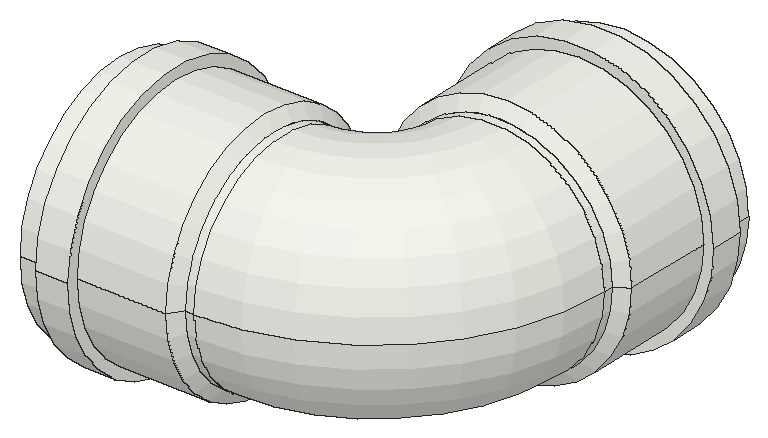
Revit family "Curva_87_Redux", category Pipe Fittings, Revit 2025
Family settings
  Round Connector Dimension = Use Radius
  Part Type = Elbow
  Work Plane-Based = No
  Always vertical = Yes
  Cut with Voids When Loaded = No
  Shared = No
Parameters (values of type "Standard")
  Ângulo [instance] = 90.00°
  built-in parameter 1114242 [instance] = (empty or 0)
  URL = "http://www.tigre.com.br"
  Type Comments = ""
  Tigre: Sistema = "Esgoto"  # constant formula
  Tigre: Norma = ""
  Tigre: Material = "PVC Bege Pérola"  # constant formula
  Tigre: Marcador [instance] = "00"
  Tigre: Link do Produto = "http://www.tigre.com.br/pt/produtos_unico.php?rcr_id=4&cpr_id=10&cpr_id_pai=4&lnh_id=10&prd_id=734"
  Tigre: Linha = "Redux"  # constant formula
  Tigre: Fabricante = "© Tigre S/A"  # constant formula
  Tigre: Descrição [instance] = if(and(Diâmetro Nominal = 75.00 mm, Ângulo > 80.00°, Ângulo < 95.00°), "Curva 87º 30´ 75mm, Redux - TIGRE", if(and(Diâmetro Nominal = 100.00 mm, Ângulo > 80.00°, Ângulo < 95.00°), "Curva 87º 30´ 100mm, Redux - TIGRE", if(and(Diâmetro Nominal = 150.00 mm, Ângulo > 80.00°, Ângulo < 95.00°), "Curva 87º 30´ 150mm, Redux - TIGRE", "Produto Inexistente")))  # "Produto Inexistente"
  Tigre: Código com Separador [instance] = if(and(Diâmetro Nominal = 75.00 mm, Ângulo > 80.00°, Ângulo < 95.00°), "100002819", if(and(Diâmetro Nominal = 100.00 mm, Ângulo > 80.00°, Ângulo < 95.00°), "100002820", if(and(Diâmetro Nominal = 150.00 mm, Ângulo > 80.00°, Ângulo < 95.00°), "100002793a", "Produto ou Código Inexistente")))  # "Produto ou Código Inexistente"
  Tigre: Código [instance] = if(and(Diâmetro Nominal = 75.00 mm, Ângulo > 80.00°, Ângulo < 95.00°), 100002819, if(and(Diâmetro Nominal = 100.00 mm, Ângulo > 80.00°, Ângulo < 95.00°), 100002820, if(and(Diâmetro Nominal = 150.00 mm, Ângulo > 80.00°, Ângulo < 95.00°), 100002793, 0)))  # 0
  Tigre: Comentários [instance] = ""
  Representação Unifilar [instance] = Diâmetro Nominal * 0.2  # 10 mm
  Raio da Bolsa [instance] = size_lookup(Lookup Table Name, "RaioB", 0.5515 * Diâmetro Nominal + 2.63 mm, Diâmetro Nominal)  # 30.205 mm
  Raio Nominal [instance] = 25 mm
  Raio Externo 3 [instance] = Diâmetro Externo 3 / 2  # 26.438 mm
  Raio Externo 2 [instance] = Diâmetro Externo 2 / 2  # 27.83 mm
  Raio Externo 1 [instance] = Diâmetro Externo 1 / 2  # 25 mm
  Raio Central [instance] = size_lookup(Lookup Table Name, "RCen", 0.5193 * Diâmetro Nominal + 0.10 mm, Diâmetro Nominal)  # 26.065 mm
  Model = ""
  Manufacturer = Tigre: Fabricante  # "© Tigre S/A"
  Loss Method = Not Defined
  Lookup Table Name = "Curva 87 - Serie Reforcada - Esgoto - MEP - Tigre"
  K Coefficient Table = "Regular 45, 90 and 180 Elbow"
  Description = "Curva 87º 30´, Redux - TIGRE"
  Default Elevation = 0.00 mm
  Acabamento [instance] = none
  Diâmetro Nominal [instance] = Raio Nominal * 2  # 50 mm
  Diâmetro Externo 3 [instance] = size_lookup(Lookup Table Name, "DE3", 0.9915 * Diâmetro Nominal + 3.30 mm, Diâmetro Nominal)  # 52.875 mm
  Diâmetro Externo 2 [instance] = size_lookup(Lookup Table Name, "DE2", 1.03 * Diâmetro Nominal + 4.16 mm, Diâmetro Nominal)  # 55.66 mm
  Diâmetro Externo 1 [instance] = size_lookup(Lookup Table Name, "DE1", Diâmetro Nominal, Diâmetro Nominal)  # 50 mm
  Cota C3 [instance] = size_lookup(Lookup Table Name, "CotC3", 0.0086 * Diâmetro Nominal + 0.73 mm, Diâmetro Nominal)  # 1.16 mm
  Cota C2 [instance] = size_lookup(Lookup Table Name, "CotC2", 0.0897 * Diâmetro Nominal + 2.72 mm, Diâmetro Nominal)  # 7.205 mm
  Cota C1 [instance] = size_lookup(Lookup Table Name, "CotC1", 0.119 * Diâmetro Nominal + 6.64 mm, Diâmetro Nominal)  # 12.59 mm
  Cota B3 [instance] = size_lookup(Lookup Table Name, "CotB3", 0.0183 * Diâmetro Nominal + 1.08 mm, Diâmetro Nominal)  # 1.995 mm
  Cota B2 [instance] = size_lookup(Lookup Table Name, "CotB2", 0.0361 * Diâmetro Nominal + 0.27 mm, Diâmetro Nominal)  # 2.075 mm
  Cota B1 [instance] = size_lookup(Lookup Table Name, "CotB1", 0.3051 * Diâmetro Nominal + 17.31 mm, Diâmetro Nominal)  # 32.565 mm
  Cota B [instance] = Cota B1 + Cota B2 + Cota B3  # 36.635 mm
  Centro a Face Externa [instance] = Raio Central * tan(Ângulo / 2)  # 26.065 mm
Reference planes
  plane 1 "Center (Front/Back)": y = 0
  plane 2: z = 0
  plane 3 "Center (Left/Right)": x = 0
  plane 4: y = 26.065
  plane 5: x = -26.065
Forms (mm)
  SweptBlend 1, solid, material "PVC", detail levels fine
    path in 3D
      loop
        line (-28.14, 0, 0) -> (-30.135, 0, 0)
    profile origin (-28.14, 0, 0) x (0, -1, 0) y (0, 0, 1)
      loop
        circle (0, 0) r 25
    end profile origin (-30.135, 0, 0) x (0, -1, 0) y (0, 0, 1)
      loop
        circle (0, 0) r 27.83
  Sweep 2, solid, material "PVC", detail levels fine
    path in 3D
      loop
        line (-30.135, 0, 0) -> (-62.7, 0, 0)
    profile origin (-46.417, 0, 0) x (0, -1, 0) y (0, 0, 1)
      loop
        circle (0, 0) r 25
      loop
        circle (0, 0) r 27.83
  Sweep 3, solid, material "PVC", detail levels fine
    path in 3D
      loop
        line (-50.11, 0, 0) -> (-57.315, 0, 0)
    profile origin (-53.712, 0, 0) x (0, -1, 0) y (0, 0, 1)
      loop
        circle (0, 0) r 27.83
      loop
        circle (0, 0) r 30.205
  SweptBlend 4, solid, material "PVC", detail levels fine
    path in 3D
      loop
        line (-57.315, 0, 0) -> (-58.475, 0, 0)
    profile origin (-57.315, 0, 0) x (0, -1, 0) y (0, 0, 1)
      loop
        circle (0, 0) r 30.205
    end profile origin (-58.475, 0, 0) x (0, -1, 0) y (0, 0, 1)
      loop
        circle (0, 0) r 27.83
  Sweep 5, solid, material "PVC", detail levels fine
    path in 3D
      loop
        arc (-26.065, 0, 0) -> (-7.634, 7.634, 0) -> (0, 26.065, 0) r 26.065
    profile origin (-7.634, 7.634, 0) x (-0.707107, 0.707107, 0) y (0, 0, 1)
      loop
        circle (0, 0) r 25
  Sweep 6, solid, material "PVC", detail levels fine
    path in 3D
      loop
        line (0, 26.065, 0) -> (0, 28.14, 0)
    profile origin (0, 27.103, 0) x (-1, 0, 0) y (0, 0, 1)
      loop
        circle (0, 0) r 25
  SweptBlend 7, solid, material "PVC", detail levels fine
    path in 3D
      loop
        line (0, 28.14, 0) -> (0, 30.135, 0)
    profile origin (0, 28.14, 0) x (-1, 0, 0) y (0, 0, 1)
      loop
        circle (0, 0) r 25
    end profile origin (0, 30.135, 0) x (-1, 0, 0) y (0, 0, 1)
      loop
        circle (0, 0) r 27.83
  Sweep 8, solid, material "PVC", detail levels fine
    path in 3D
      loop
        line (0, 30.135, 0) -> (0, 62.7, 0)
    profile origin (0, 46.418, 0) x (-1, 0, 0) y (0, 0, 1)
      loop
        circle (0, 0) r 27.83
      loop
        circle (0, 0) r 25
  Sweep 9, solid, material "PVC", detail levels fine
    path in 3D
      loop
        line (0, 50.11, 0) -> (0, 57.315, 0)
    profile origin (0, 53.713, 0) x (-1, 0, 0) y (0, 0, 1)
      loop
        circle (0, 0) r 30.205
      loop
        circle (0, 0) r 27.83
  SweptBlend 10, solid, material "PVC", detail levels fine
    path in 3D
      loop
        line (0, 57.315, 0) -> (0, 58.475, 0)
    profile origin (0, 57.315, 0) x (-1, 0, 0) y (0, 0, 1)
      loop
        circle (0, 0) r 30.205
    end profile origin (0, 58.475, 0) x (-1, 0, 0) y (0, 0, 1)
      loop
        circle (0, 0) r 27.83
  Sweep 11, void
    path in 3D
      loop
        line (-57.315, 0, 0) -> (-58.475, 0, 0)
    profile origin (-57.895, 0, 0) x (0, -1, 0) y (0, 0, 1)
      loop
        circle (0, 0) r 27.83
  Sweep 12, void
    path in 3D
      loop
        line (0, 57.315, 0) -> (0, 58.475, 0)
    profile origin (0, 57.895, 0) x (-1, 0, 0) y (0, 0, 1)
      loop
        circle (0, 0) r 27.83
  Sweep 13, solid, material "PVC", detail levels fine
    path origin (0, 0, 0) x (1, 0, 0) y (0, 1, 0)
      loop
        line (-28.14, 0) -> (-26.065, 0)
    profile origin (-27.102, 0, 0) x (0, 1, 0) y (0, 0, 1)
      loop
        circle (0, 0) r 25
Cuts and joins
  Sweep 11 cuts Sweep 3
  Sweep 11 cuts SweptBlend 4
  Sweep 12 cuts Sweep 5
  Sweep 12 cuts Sweep 6
  Sweep 12 cuts SweptBlend 7
  Sweep 12 cuts Sweep 9
  Sweep 12 cuts SweptBlend 10
  joined: SweptBlend 1, Sweep 2, Sweep 3, SweptBlend 4, Sweep 5, Sweep 6, SweptBlend 7, Sweep 8, Sweep 9, SweptBlend 10, Sweep 13
Lines and regions (mm)
  reference lines
    curve 1: line (-26.065, 26.065, 0) -> (91.276, 26.065, 0)
  model lines, not visible, detail levels coarse+medium
    curve 2: arc (-26.065, 0, 0) -> (-7.634, 7.634, 0) -> (0, 26.065, 0) r 26.065
    curve 4: line (-26.065, 0, 0) -> (-28.14, 0, 0)
    curve 5: line (-28.14, 0, 0) -> (-30.135, 0, 0)
    curve 6: line (-30.135, 0, 0) -> (-62.7, 0, 0)
    curve 7: line (-62.7, 0, 0) -> (-50.11, 0, 0)
    curve 8: line (-50.11, 0, 0) -> (-57.315, 0, 0)
    curve 9: line (-57.315, 0, 0) -> (-58.475, 0, 0)
    curve 16: line (0, 26.065, 0) -> (0, 28.14, 0)
    curve 17: line (0, 28.14, 0) -> (0, 30.135, 0)
    curve 18: line (0, 30.135, 0) -> (0, 62.7, 0)
    curve 19: line (0, 62.7, 0) -> (0, 50.11, 0)
    curve 20: line (0, 50.11, 0) -> (0, 57.315, 0)
    curve 21: line (0, 57.315, 0) -> (0, 58.475, 0)
  model lines, detail levels coarse+medium
    curve 3: line (0, 0, 0) -> (0, 26.065, 0)
    curve 14: line (-25.865, 0, 0) -> (-26.065, 0, 0)
    curve 29: line (0, 0, 0) -> (-26.065, 0, 0)
    curve 30: line (0, 0, 0) -> (-62.7, 0, 0)
    curve 31: line (0, 62.7, 0) -> (0, 0, 0)
    curve 32: line (-30.135, 10, 0) -> (-30.135, -10, 0)
    curve 33: line (0, 30.135, 0) -> (-10, 30.135, 0)
    curve 34: line (0, 30.135, 0) -> (10, 30.135, 0)
  sketch lines
    curve 10: line (-28.14, 0, 0) -> (-30.135, 0, 0)
    curve 11: line (-30.135, 0, 0) -> (-62.7, 0, 0)
    curve 12: line (-50.11, 0, 0) -> (-57.315, 0, 0)
    curve 13: line (-57.315, 0, 0) -> (-58.475, 0, 0)
    curve 15: arc (-26.065, 0, 0) -> (-7.634, 7.634, 0) -> (0, 26.065, 0) r 26.065
    curve 22: line (0, 26.065, 0) -> (0, 28.14, 0)
    curve 23: line (0, 28.14, 0) -> (0, 30.135, 0)
    curve 24: line (0, 30.135, 0) -> (0, 62.7, 0)
    curve 25: line (0, 50.11, 0) -> (0, 57.315, 0)
    curve 26: line (0, 57.315, 0) -> (0, 58.475, 0)
    curve 27: line (-57.315, 0, 0) -> (-58.475, 0, 0)
    curve 28: line (0, 57.315, 0) -> (0, 58.475, 0)
Dimensions and locks
  "Centro a Face Externa": plane 5 to plane 3 "Center (Left/Right)"
  "Raio Central": plane 4 to plane 1 "Center (Front/Back)"
  "Cota B2": curve 4 to plane 5
  "Cota B3": curve 5 to curve 5
  "Cota B1": curve 6 to curve 6
  "Cota C1": curve 7 to curve 7
  "Cota C2": curve 8 to curve 8
  "Cota C3": curve 9 to curve 9
  "Cota B2": curve 1 to curve 16
  "Cota B3": curve 17 to curve 17
  "Cota B1": curve 18 to curve 18
  "Cota C1": curve 19 to curve 19
  "Cota C2": curve 20 to curve 20
  "Cota C3": curve 21 to curve 21
  curve 7 to plane 3 "Center (Left/Right)" = 62.70 mm
  "Cota B2": Sweep 13 sketch curve to plane 5
  "Cota B": curve 16 to curve 31
  equal spacing: curve 32, plane 1 "Center (Front/Back)", curve 32
  "Representação Unifilar": plane 1 "Center (Front/Back)" to curve 32
  equal spacing: curve 34, curve 17, curve 33
  "Representação Unifilar": curve 17 to curve 33
  "Raio Externo 2": radius of SweptBlend 1 sketch curve
  "Raio Nominal": radius of Sweep 2 sketch curve
  "Raio Externo 2": radius of Sweep 2 sketch curve
  "Raio da Bolsa": radius of Sweep 3 sketch curve
  "Raio Externo 1": radius of Sweep 5 sketch curve
  "Raio Central": radius of curve 2
  "Raio Externo 1": radius of Sweep 6 sketch curve
  "Raio Externo 1": radius of SweptBlend 7 sketch curve
  "Raio Externo 2": radius of SweptBlend 7 sketch curve
  "Raio da Bolsa": radius of Sweep 9 sketch curve
  "Raio Nominal": radius of Sweep 8 sketch curve
  "Raio Externo 2": radius of Sweep 12 sketch curve
  "Raio Nominal": radius of Sweep 13 sketch curve
  "Raio Nominal": radius of SweptBlend 1 sketch curve
  "Ângulo": angle plane 5 to curve 1
  locked: curve 1 to curve 16 (angle 90.00°)
  locked: curve 1 to curve 17 (angle 90.00°)
  locked: curve 1 to curve 18 (angle 90.00°)
  locked: curve 1 to curve 19 (angle 90.00°)
  locked: curve 1 to curve 20 (angle 90.00°)
  locked: curve 1 to curve 21 (angle 90.00°)
  "Ângulo": angle plane 1 "Center (Front/Back)" to curve 3
  locked: curve 1 to curve 31 (angle 90.00°)
  locked: curve 34 to curve 17 (angle 90.00°)
  locked: curve 33 to curve 17 (angle 90.00°)
  aligned and locked: plane 4 to curve 1
  aligned and locked: plane 5 to curve 1
  aligned and locked: plane 5 to curve 2
  aligned and locked: curve 1 to curve 2
  aligned and locked: plane 1 "Center (Front/Back)" to curve 2
  aligned and locked: plane 1 "Center (Front/Back)" to curve 3
  aligned and locked: Sweep 3 sketch curve to Sweep 2  (x2)
  aligned and locked: SweptBlend 4 sketch curve to Sweep 3  (x2)
  aligned and locked: SweptBlend 4 sketch curve to Sweep 2  (x2)
  aligned and locked: Sweep 8 sketch curve to SweptBlend 7  (x2)
  aligned and locked: Sweep 9 sketch curve to Sweep 8  (x2)
  aligned and locked: SweptBlend 10 sketch curve to Sweep 9  (x2)
  aligned and locked: SweptBlend 10 sketch curve to Sweep 8  (x2)
  aligned and locked: Sweep 11 sketch curve to Sweep 2  (x2)
  aligned and locked: plane 5 to Sweep 13 sketch curve
  aligned and locked: plane 1 "Center (Front/Back)" to Sweep 13 sketch curve
  aligned and locked: curve 32 to curve 5
Automatic sketch dimensions
  curve 30 to curve 6 = 0.00 mm
  curve 2 to curve 14 = 0.20 mm
  SweptBlend 1 sketch curve to profile plane = 0.00 mm  (x4)
  Sweep 2 sketch curve to Sweep 2 sketch curve = 0.00 mm  (x2)
  Sweep 2 sketch curve to profile plane = 0.00 mm  (x2)
  Sweep 3 sketch curve to Sweep 3 sketch curve = 0.00 mm  (x2)
  Sweep 5 sketch curve to profile plane = 0.00 mm
  profile plane to Sweep 5 sketch curve = 0.00 mm
  Sweep 6 sketch curve to profile plane = 0.00 mm  (x2)
  SweptBlend 7 sketch curve to profile plane = 0.00 mm  (x4)
  Sweep 8 sketch curve to Sweep 8 sketch curve = 0.00 mm  (x2)
  Sweep 9 sketch curve to Sweep 9 sketch curve = 0.00 mm  (x2)
  Sweep 12 sketch curve to profile plane = 0.00 mm  (x2)
  Sweep 13 sketch curve to level = 0.00 mm
  Sweep 13 sketch curve to profile plane = 0.00 mm
Connectors
  piping at (-30.135, 0, 0), diameter 50, driven by "Raio Nominal", driven by "Ângulo"
    settings: on cut or joined group of SweptBlend 1, Sweep 2, Sweep 3, SweptBlend 4, Sweep 5, Sweep 6, SweptBlend 7, Sweep 8, Sweep 9, SweptBlend 10, Sweep 11, Sweep 12, Sweep 13, index 1, connector inside diameter 50 mm, connector length 0.00 mm, flow factor 0, pipe flow 0.0 L/s, pressure drop 0.0 Pa, fitting loss kfactor 0, connector angle 90.00°, fixture units 0, engagement length 0.00 mm, angle of deflection 0.00°, flow configuration 0, flow direction 0, fitting loss method 0, system type 28, joint type 0, gender type 0, connector reference index 2, connector utility 0, adjustable connector no, is connector primary yes, connector description ""
  piping at (0, 30.135, 0), diameter 50, driven by "Raio Nominal", driven by "Ângulo"
    settings: on cut or joined group of SweptBlend 1, Sweep 2, Sweep 3, SweptBlend 4, Sweep 5, Sweep 6, SweptBlend 7, Sweep 8, Sweep 9, SweptBlend 10, Sweep 11, Sweep 12, Sweep 13, index 2, connector inside diameter 50 mm, connector length 0.00 mm, flow factor 0, pipe flow 0.0 L/s, pressure drop 0.0 Pa, fitting loss kfactor 0, connector angle 90.00°, fixture units 0, engagement length 0.00 mm, angle of deflection 0.00°, flow configuration 0, flow direction 0, fitting loss method 0, system type 28, joint type 0, gender type 0, connector reference index 1, connector utility 0, adjustable connector no, is connector primary no, connector description ""
